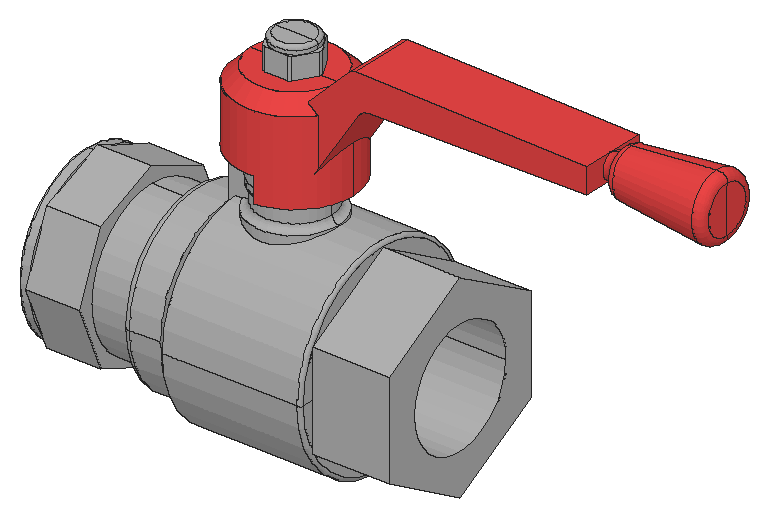
Revit family "QA10760000", category Apparecchi idraulici, Revit 2016
Family settings
  Tipo di parte = Normale
  Quota connettore circolare = Usa diametro
  Numero OmniClass = 23.45.00.00
  Titolo OmniClass = Sanitary, Laundry, and Cleaning Equipment
  Basato su piano di lavoro = No
  Sempre verticale = Sì
  Taglio con vuoti quando caricato = No
  Condiviso = No
  Punto di calcolo locali = No
Parameters
  URL = "https://web.cimberio.it/index.php/figura/203?subcategoria_id=42864"
  DN Model [instance] = QA10763182 : QA10763182
  DN [instance] = 32 mm
Reference planes
  plane 1 "Centro (Fronte/Retro)": y = 0
  plane 2: z = 0
  plane 3 "Centro (Sinistra/Destra)": x = 0
Dimensions and locks
  aligned and locked: level to plane 2
Nested families
  nested 1: "QA10763182" at (0, 0, 0), type <- "DN Model", type "QA10763182"
    with DN 10 mm
  nested 2: "QA10763182" at (0, 0, 0), type <- "DN Model", type "QA10763182"
    with DN 10 mm
  nested 3: "QA10763182" at (0, 0, 0), type <- "DN Model", type "QA10763182"
    with DN 10 mm
  nested 4: "QA10763182" at (0, 0, 0), type <- "DN Model", type "QA10763182"
    with DN 10 mm
  nested 5: "QA10763182" at (0, 0, 0), type <- "DN Model", type "QA10763182"
    with DN 10 mm
  nested 6: "QA10763182" at (0, 0, 0), type <- "DN Model", type "QA10763182"
    with DN 10 mm
  nested 7: "QA10763182" at (0, 0, 0), type <- "DN Model", type "QA10763182"
    with DN 10 mm
  nested 8: "QA10763182" at (0, 0, 0), type <- "DN Model", type "QA10763182"
    with DN 10 mm
Connectors
  piping at (45.85, 0, 0), diameter 32, driven by "DN"
    settings: on nested 1, index 1, connector inside diameter 609.6 mm, connector length 0 mm, flow factor 0, pipe flow 0.0 L/s, pressure drop 0.0 Pa, fitting loss kfactor 0, connector angle 0.00°, fixture units 0, engagement length 0 mm, angle of deflection 0.00°, flow configuration 0, flow direction 0, fitting loss method 0, system type 7, joint type 0, gender type 0, connector reference index -1, connector utility 0, adjustable connector no, is connector primary yes, connector description ""
  piping at (-54.841, 0, 0), diameter 32, driven by "DN"
    settings: on nested 1, index 2, connector inside diameter 609.6 mm, connector length 0 mm, flow factor 0, pipe flow 0.0 L/s, pressure drop 0.0 Pa, fitting loss kfactor 0, connector angle 0.00°, fixture units 0, engagement length 0 mm, angle of deflection 0.00°, flow configuration 0, flow direction 0, fitting loss method 0, system type 7, joint type 0, gender type 0, connector reference index -1, connector utility 0, adjustable connector no, is connector primary no, connector description ""
Definition of nested family "QA10763182"
  Parameters (values of type "QA10763182")
    DN [instance] = 10 mm  # constant formula
  Reference planes
    plane 1 "Centro (Fronte/Retro)": y = 0
    plane 2: z = 0
    plane 3 "Centro (Sinistra/Destra)": x = 0
  Forms (mm)
    Revolve 1, solid
      sketch origin (0, 0, 0) x (1, 0, 0) y (0, 1, 0)
        loop
          line (-28, 16) -> (24.35, 16) -> (24.35, 27.5)
          arc (24.35, 27.5) -> (24.057, 28.207) -> (23.35, 28.5) r 1
          line (23.35, 28.5) -> (-14, 28.5) -> (-17.525, 24.975) -> (-25.988, 25)
          arc (-25.988, 25) -> (-27.41, 24.418) -> (-28, 23) r 2
          line (-28, 23) -> (-28, 16)
        axis (-28, 0) -> (24.35, 0)
      angle from 0 to 360
    Revolve 2, solid
      sketch origin (0, 0, 0) x (1, 0, 0) y (0, 0, 1)
        loop
          line (-28, 20.9) -> (-40.645, 20.9) -> (-40.645, 16) -> (-28, 16) -> (-28, 20.9)
        axis (-40.645, 0) -> (-28, 0)
      angle from 0 to 360
    Extrusion 3, solid
      sketch origin (-11, 0, 0) x (0, 0, 1) y (0, 1, 0)
        loop
          circle (0, 0) r 16
        loop
          line (25, 0) -> (17.678, 17.678) -> (0, 25) -> (-17.678, 17.678) -> (-25, 0) -> (-17.678, -17.678) -> (0, -25) -> (17.678, -17.678) -> (25, 0)
      from 28.841 to 43.841
    Revolve 4, solid
      sketch origin (0, 0, 0) x (1, 0, 0) y (0, 0, 1)
        loop
          line (-54.841, 23.5) -> (-57.34, 23.5)
          arc (-57.34, 23.5) -> (-57.694, 23.354) -> (-57.841, 23) r 0.5
          line (-57.841, 23) -> (-57.841, 16) -> (-54.841, 16) -> (-54.841, 23.5)
        axis (-57.841, 0) -> (-54.841, 0)
      angle from 0 to 360
    Revolve 5, solid
      sketch origin (0, 0, 0) x (1, 0, 0) y (0, 0, 1)
        loop
          line (0.058, 43.3) -> (0.058, 25.32) -> (12.192, 25.32) -> (12.192, 28.544)
          arc (12.192, 28.544) -> (10.819, 29.112) -> (10.25, 30.485) r 1.942
          line (10.25, 30.485) -> (10.25, 34.475)
          arc (10.25, 34.475) -> (10.782, 34.708) -> (11, 35.246) r 0.772
          line (11, 35.246) -> (11, 43.3) -> (0.058, 43.3)
        axis (0.058, 25.32) -> (0.058, 43.3)
      angle from 0 to 360
    Extrusion 6, solid
      sketch origin (0, 0, 0) x (1, 0, 0) y (0, 0, 1)
        loop
          line (-16, 42.3) -> (-16, 24.971) -> (-8.27, 24.971) -> (-8.27, 42.3) -> (-16, 42.3)
      from 0 to 3.05
    Revolve 7, solid
      sketch origin (0, 0, 0) x (1, 0, 0) y (0, 0, 1)
        loop
          line (0, 44.3) -> (-9.027, 44.3) -> (-9.027, 43.3) -> (0, 43.3) -> (0, 44.3)
        axis (0, 44.3) -> (0, 43.3)
      angle from 0 to 360
    Revolve 8, solid
      sketch origin (0, 0, 0) x (1, 0, 0) y (0, 0, 1)
        loop
          line (0, 64.3) -> (-12.25, 64.3) -> (-16.25, 60.3) -> (-16.25, 37.352) -> (-9.724, 37.352) -> (-9.724, 50.809) -> (0, 50.809) -> (0, 64.3)
        axis (0, 64.3) -> (0, 37.352)
      angle from 0 to 360
    Extrusion 9, solid
      sketch origin (0, 0, 0) x (1, 0, 0) y (0, 0, 1)
        loop
          line (7.896, 59.696) -> (11.413, 43.338) -> (25.275, 64.683)
          arc (25.275, 64.683) -> (26.161, 65.509) -> (27.331, 65.821) r 2.5
          line (27.331, 65.821) -> (88.127, 66.8) -> (88.127, 73.8) -> (24.058, 74.784)
          arc (24.058, 74.784) -> (23.079, 74.6) -> (22.25, 74.05) r 2.5
          line (22.25, 74.05) -> (7.896, 59.696)
      from -9.025 to 9.004
    Revolve 10, solid
      sketch origin (0, 0, 0) x (1, 0, 0) y (0, 0, 1)
        loop
          line (120, 70.3) -> (120, 76.812)
          arc (120, 76.812) -> (119.178, 78.665) -> (117.254, 79.3) r 2.5
          line (117.254, 79.3) -> (93.442, 76.943)
          arc (93.442, 76.943) -> (92.28, 76.52) -> (91.462, 75.593) r 2.501
          arc (91.462, 75.593) -> (90.026, 74.266) -> (88.127, 73.8) r 3.911
          line (88.127, 73.8) -> (88.127, 70.3) -> (120, 70.3)
        axis (120, 70.3) -> (88.127, 70.3)
      angle from 0 to 360
    Revolve 11, solid
      sketch origin (0, 0, 0) x (1, 0, 0) y (0, 0, 1)
        loop
          line (0, 72.3) -> (0, 70.3) -> (6.25, 70.3) -> (6.25, 71.3)
          arc (6.25, 71.3) -> (5.957, 72.007) -> (5.25, 72.3) r 1
          line (5.25, 72.3) -> (0, 72.3)
        axis (0, 72.3) -> (0, 70.3)
      angle from 0 to 360
    Extrusion 12, solid
      sketch origin (11, 0, 0) x (0, 0, 1) y (0, -1, 0)
        loop
          circle (0, 0) r 16
        loop
          line (27.4, 0) -> (13.255, 24.5) -> (-13.255, 24.5) -> (-27.4, 0) -> (-13.255, -24.5) -> (13.255, -24.5) -> (27.4, 0)
      from 13.35 to 34.85
    Extrusion 13, solid
      sketch origin (0, 0, 28.55) x (1, 0, 0) y (0, 1, 0)
        loop
          arc (-3.211, 6.5) -> (-3.625, 6.279) -> (-4.024, 6.031) r 7.25
          line (-4.024, 6.031) -> (-7.235, 0.469)
          arc (-7.235, 0.469) -> (-7.25, 0) -> (-7.235, -0.469) r 7.25
          line (-7.235, -0.469) -> (-4.024, -6.031)
          arc (-4.024, -6.031) -> (-3.625, -6.279) -> (-3.211, -6.5) r 7.25
          line (-3.211, -6.5) -> (3.211, -6.5)
          arc (3.211, -6.5) -> (3.625, -6.279) -> (4.024, -6.031) r 7.25
          line (4.024, -6.031) -> (7.235, -0.469)
          arc (7.235, -0.469) -> (7.25, 0) -> (7.235, 0.469) r 7.25
          line (7.235, 0.469) -> (4.024, 6.031)
          arc (4.024, 6.031) -> (3.625, 6.279) -> (3.211, 6.5) r 7.25
          line (3.211, 6.5) -> (-3.211, 6.5)
      from 35.75 to 41.75
    Extrusion 14, void
      sketch origin (0, 0, 28.55) x (1, 0, 0) y (0, 1, 0)
        loop
          line (-11.281, 0) -> (-17.25, 0)
          arc (-17.25, 0) -> (-11.618, -12.751) -> (1.6, -17.176) r 17.25
          line (1.6, -17.176) -> (1.6, -11.265)
          arc (1.6, -11.265) -> (-7.201, -8.332) -> (-11.281, 0) r 12
      from 7.648 to 15.75
  Cuts and joins
    Extrusion 14 cuts Extrusion 6
    Extrusion 14 cuts Revolve 8
  Dimensions and locks
    aligned and locked: level to plane 2
